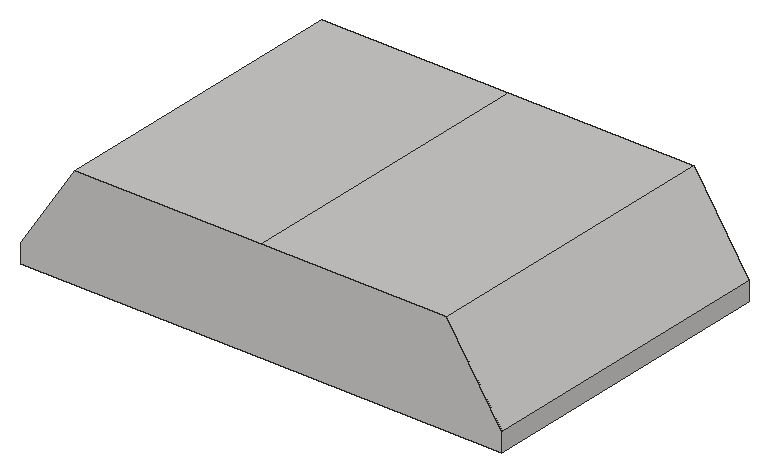
Revit family "Lighting-Control-Acclaim-Al Driver 200", category Lighting Fixtures, host Face, Revit 2016
Family settings
  Host = Face
  Part Type = Normal
  Round Connector Dimension = Use Diameter
  Cut with Voids When Loaded = No
  Light Source = No
  Shared = No
  Room Calculation Point = No
Parameters
  Width = 160 mm
  Voltage = 0 V
  URL = "http://www.acclaimlighting.com/"
  Power Factor = 1
  Number of Poles = 1
  Model = "AL Driver 200"
  Manufacturer = "Acclaim Lighting"
  Length = 250 mm
  Lamp = "LED"
  Housing Finish = Aluminum
  Description = "Driver"
  Default Elevation = 1219.2 mm
  Apparent Load = 0 VA
Reference planes
  plane 1 "Center (Front/Back)": y = 0
  plane 2: z = 0
  plane 3 "Center (Left/Right)": x = 0
  plane 4: x = -125
  plane 5: x = 125
  plane 6: x = -72.866
  plane 7: x = -53.022
  plane 8: x = 52.546
  plane 9: x = 72.39
  plane 10: z = 79.756
  plane 11: y = 80
  plane 12: y = -80
Forms (mm)
  Extrusion 1, solid, material "Housing"
    sketch origin (0, -3.959, 0) x (-1, 0, 0) y (0, 0, 1)
      loop
        line (125, 0) -> (125, 9.592) -> (96.693, 53.181) -> (0, 53.181) -> (-96.693, 53.181) -> (-125, 9.592) -> (-125, 0) -> (0, 0) -> (125, 0)
    from -76.041 to 83.959
Dimensions and locks
  equal spacing: plane 5, plane 3 "Center (Left/Right)", plane 4
  "Length": plane 5 to plane 4
  equal spacing: plane 11, plane 1 "Center (Front/Back)", plane 12
  "Width": plane 11 to plane 12
  aligned and locked: plane 2 to host face
  aligned and locked: level to host face
  aligned and locked: Extrusion 1 to plane 11
  aligned and locked: plane 12 to Extrusion 1
Automatic sketch dimensions
  host sketch curve to host sketch curve = 2438.4 mm  (x2)
  Extrusion 1 sketch curve to level = 0 mm
  plane 9 to Extrusion 1 sketch curve = 52.61 mm
  plane 9 to Extrusion 1 sketch curve = 24.302 mm
  plane 3 "Center (Left/Right)" to Extrusion 1 sketch curve = 0 mm  (x2)
  Extrusion 1 sketch curve to plane 6 = 23.827 mm
  level to Extrusion 1 sketch curve = 9.592 mm
  Extrusion 1 sketch curve to plane 6 = 52.134 mm
  Extrusion 1 sketch curve to Extrusion 1 sketch curve = 9.592 mm
  Extrusion 1 sketch curve to plane 10 = 26.575 mm
Connectors
  electrical at (0, -80, 22.341), driven by "Number of Poles", driven by "Voltage", driven by "Apparent Load", driven by "Power Factor"
    settings: on Extrusion 1, index 1, voltage 0 V, apparent load 0 VA, apparent load phase1 0 VA, apparent load phase2 0 VA, apparent load phase3 0 VA, power factor 1, load classification "Other", number of poles 1, system type 31, power factor state 1, is connector primary yes, connector utility no, sub classification motor no, connector description "Power"
